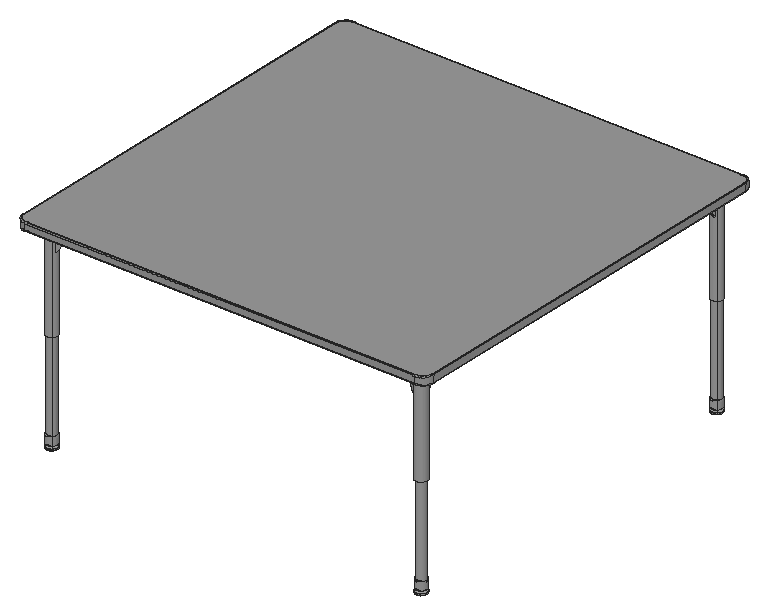
Revit family "Hierarchy Activity 60in Square Table", category Furniture, Revit 2018
Family settings
  Work Plane-Based = No
  Always vertical = Yes
  Cut with Voids When Loaded = No
  Shared = No
  Room Calculation Point = No
Parameters
  Table Height = 2' - 5"
  Surface = Hierarchy Activity 60" Square Table Surface
  Leg Finish = Hierarchy Leg Platinum
  Edgeband = Hierarchy Activity 60" Square Table Edgeband
  Caster/Glide = Hierarchy Leg - Glide : Hierarchy Leg - Glide
Reference planes (in)
  plane 1 "Center (Front/Back)": y = 0
  plane 2: z = 0
  plane 3 "Center (Left/Right)": x = 0
  plane 4: z = 29
Dimensions and locks (in)
  "Table Height": plane 4 to level
  aligned and locked: plane 2 to level
  aligned and locked: nested 1 to plane 4
Nested families (in)
  nested 1: "Activity 60x60 Tabletop" at (0, 0, 5.075), type "Activity 60x60 Tabletop"
  nested 2: "Hierarchy Leg - Glide" at (-27, 27, 0) x (0.7071, 0.7071, 0) z (0, 0, 1), Leg Height <- "Table Height", type <- "Caster/Glide", Leg Finish <- "Leg Finish", type "Hierarchy Leg - Glide"
  nested 3: "Hierarchy Leg - Glide" at (-27, -27, 0) x (0.7071, -0.7071, 0) z (0, 0, 1), Leg Height <- "Table Height", type <- "Caster/Glide", Leg Finish <- "Leg Finish", type "Hierarchy Leg - Glide"
    with Leg Height 2' - 5", Leg Finish Hierarchy Leg Platinum
  nested 4: "Hierarchy Leg - Glide" at (27, 27, 0) x (-0.7071, 0.7071, 0) z (0, 0, 1), Leg Height <- "Table Height", Leg Finish <- "Leg Finish", type "Hierarchy Leg - Glide"
    with Leg Height 2' - 5", Leg Finish Hierarchy Leg Platinum
  nested 5: "Hierarchy Leg - Glide" at (27, -27, 0) x (-0.7071, -0.7071, 0) z (0, 0, 1), Leg Height <- "Table Height", Leg Finish <- "Leg Finish", type "Hierarchy Leg - Glide"
    with Leg Height 2' - 5", Leg Finish Hierarchy Leg Platinum
Definition of nested family "Activity 60x60 Tabletop"
  Parameters (values of type "Activity 60x60 Tabletop")
    Surface = none
    Edgeband = none
  Reference planes (in)
    plane 1 "Center (Front/Back)": y = 0
    plane 2: z = 0
    plane 3 "Center (Left/Right)": x = 0
  Forms (in)
    Extrusion 1, solid, material <- "Surface"
      sketch origin (0, 3, 0) x (1, 0, 0) y (0, 1, 0)
        loop
          line (28.5, 26.88281) -> (-28.5, 26.88281)
          arc (-28.5, 26.88281) -> (-29.47714, 26.47807) -> (-29.88189, 25.50092) r 1.38189
          line (-29.88189, 25.50092) -> (-29.88189, -31.50092)
          arc (-29.88189, -31.50092) -> (-29.47714, -32.47807) -> (-28.5, -32.88281) r 1.38189
          line (-28.5, -32.88281) -> (28.5, -32.88281)
          arc (28.5, -32.88281) -> (29.47714, -32.47807) -> (29.88189, -31.50092) r 1.38189
          line (29.88189, -31.50092) -> (29.88189, 25.50092)
          arc (29.88189, 25.50092) -> (29.47714, 26.47807) -> (28.5, 26.88281) r 1.38189
      from 23.925 to 25.125
    Sweep 2, solid, material <- "Edgeband"
      path origin (0, 3, 0) x (1, 0, 0) y (0, 1, 0)
        loop
          line (28.5, 26.88281) -> (-28.5, 26.88281)
          arc (-28.5, 26.88281) -> (-29.47714, 26.47807) -> (-29.88189, 25.50092) r 1.38189
          line (-29.88189, 25.50092) -> (-29.88189, -31.50092)
          arc (-29.88189, -31.50092) -> (-29.47714, -32.47807) -> (-28.5, -32.88281) r 1.38189
          line (-28.5, -32.88281) -> (28.5, -32.88281)
          arc (28.5, -32.88281) -> (29.47714, -32.47807) -> (29.88189, -31.50092) r 1.38189
          line (29.88189, -31.50092) -> (29.88189, 25.50092)
          arc (29.88189, 25.50092) -> (29.47714, 26.47807) -> (28.5, 26.88281) r 1.38189
      profile origin (0, 29.88281, 0) x (0, -1, 0) y (0, 0, 1)
        loop
          arc (-0.11811, 24.04311) -> (-0.08352, 23.95959) -> (0, 23.925) r 0.11811
          line (0, 23.925) -> (0, 25.125)
          arc (0, 25.125) -> (-0.08352, 25.09041) -> (-0.11811, 25.00689) r 0.11811
          line (-0.11811, 25.00689) -> (-0.11811, 24.04311)
  Dimensions and locks (in)
    aligned and locked: plane 2 to level
Definition of nested family "Hierarchy Leg - Glide"
  Parameters (values of type "Hierarchy Leg - Glide")
    Leg Finish [instance] = none
    Leg Height [instance] = 2' - 5"
  Reference planes (in)
    plane 1 "Center (Front/Back)": y = 0
    plane 2: z = 0
    plane 3 "Center (Left/Right)": x = 0
  Forms (in)
    Extrusion 1, solid
      sketch origin (-0.01562, 0, 0) x (1, 0, 0) y (0, 1, 0)
        loop
          circle (0.01563, 0) r 0.67016
      from 0.67618 to 16.17618
    Revolve 2, solid
      sketch origin (0, 0, 0) x (1, 0, 0) y (0, 0, 1)
        loop
          line (-0.73189, 1.80118) -> (-0.79439, 1.73867) -> (-0.79439, 0.61381) -> (-0.73176, 0.55118) -> (-0.125, 0.55118) -> (-0.125, 0.42618) -> (-0.84656, 0.16241) -> (-0.84656, 0.08994) -> (-0.81359, 0) -> (0, 0) -> (0, 1.80118) -> (-0.73189, 1.80118)
        axis (0, 1.80118) -> (0, 0)
      angle from 0 to 360
  Dimensions and locks (in)
    "Leg Height": nested 1 to level
    aligned and locked: plane 2 to level
  Automatic sketch dimensions
    plane 1 "Center (Front/Back)" to Extrusion 1 sketch curve = 0' - 0"
    Extrusion 1 sketch curve to plane 3 "Center (Left/Right)" = 0' - 0"
    Revolve 2 sketch curve to level = 0' - 0"
    Revolve 2 sketch curve to plane 3 "Center (Left/Right)" = 0' - 0"  (x2)
    Revolve 2 sketch curve to plane 3 "Center (Left/Right)" = 0' - 0 1/8"
    Revolve 2 sketch curve to Revolve 2 sketch curve = 0' - 0.60676"
    Revolve 2 sketch curve to Revolve 2 sketch curve = 0' - 0.73189"
    Revolve 2 sketch curve to Revolve 2 sketch curve = 0' - 0.06263"  (x2)
    Revolve 2 sketch curve to Revolve 2 sketch curve = 0' - 0.08183"
    Revolve 2 sketch curve to Revolve 2 sketch curve = 0' - 0.03297"
    level to Revolve 2 sketch curve = 0' - 0.08994"
    Revolve 2 sketch curve to Revolve 2 sketch curve = 0' - 0.07247"
    level to Revolve 2 sketch curve = 0' - 0.42618"
    Revolve 2 sketch curve to Revolve 2 sketch curve = 0' - 0 1/8"
    Revolve 2 sketch curve to Revolve 2 sketch curve = 0' - 1.12486"
    Revolve 2 sketch curve to Revolve 2 sketch curve = 0' - 0 1/16"
    Revolve 2 sketch curve to level = 2' - 0"
    Revolve 2 sketch curve to Revolve 2 sketch curve = 8' - 4.91764"
    radius of Extrusion 1 sketch curve = 0' - 0.67016"
  Nested families (in)
    nested 1: "Hierarchy Upper Leg 2023" at (0, 0, 1.19783), Shapes Leg Finish <- "Leg Finish", type "Hierarchy Upper Leg 2023"
      with Shapes Leg Finish none
  Definition of nested family "Hierarchy Upper Leg 2023"
    Parameters (values of type "Hierarchy Upper Leg 2023")
      Shapes Leg Finish [instance] = none
    Reference planes (in)
      plane 1 "Center (Front/Back)": y = 0
      plane 2: z = 0
      plane 3 "Center (Left/Right)": x = 0
    Forms (in)
      Extrusion 1, solid, material <- "Shapes Leg Finish"
        sketch origin (0, 0, 0) x (1, 0, 0) y (0, 1, 0)
          loop
            circle (0, 0) r 0.84802
        from 13.67618 to 27.67618
      Extrusion 2, solid, material <- "Shapes Leg Finish"
        sketch origin (0, 0, 0) x (1, 0, 0) y (0, 1, 0)
          loop
            line (-1.70174, 0.19183) -> (-2.88626, -2.26116)
            arc (-2.88626, -2.26116) -> (-2.83993, -3.09822) -> (-2.1063, -3.50394) r 0.86614
            line (-2.1063, -3.50394) -> (2.1063, -3.50394)
            arc (2.1063, -3.50394) -> (2.83993, -3.09822) -> (2.88626, -2.26116) r 0.86614
            line (2.88626, -2.26116) -> (1.70174, 0.19183)
            arc (1.70174, 0.19183) -> (0, 1.25984) -> (-1.70174, 0.19183) r 1.88976
        from 27.67618 to 27.80217
      Extrusion 3, solid, material <- "Shapes Leg Finish"
        sketch origin (-1.48519, 8.66524, 0) x (-0.434844, 0.900506, 0) y (0, 0, 1)
          loop
            line (-9.01425, 27.67618) -> (-11.80952, 27.67618)
            arc (-11.80952, 27.67618) -> (-11.92325, 27.58993) -> (-11.87088, 27.45715) r 0.11811
            arc (-11.87088, 27.45715) -> (-10.39364, 26.29679) -> (-9.23328, 24.81955) r 7.87402
            arc (-9.23328, 24.81955) -> (-9.1005, 24.76717) -> (-9.01425, 24.88091) r 0.11811
            line (-9.01425, 24.88091) -> (-9.01425, 27.67618)
        from -1.94075 to -1.81476
      Extrusion 4, solid, material <- "Shapes Leg Finish"
        sketch origin (1.48519, 8.66524, 0) x (0.434844, 0.900506, 0) y (0, 0, -1)
          loop
            line (-9.01425, -27.67618) -> (-9.01425, -24.88091)
            arc (-9.01425, -24.88091) -> (-9.1005, -24.76717) -> (-9.23328, -24.81955) r 0.11811
            arc (-9.23328, -24.81955) -> (-10.39364, -26.29679) -> (-11.87088, -27.45715) r 7.87402
            arc (-11.87088, -27.45715) -> (-11.92325, -27.58993) -> (-11.80952, -27.67618) r 0.11811
            line (-11.80952, -27.67618) -> (-9.01425, -27.67618)
        from -1.94075 to -1.81476
    Dimensions and locks (in)
      aligned and locked: plane 2 to level
